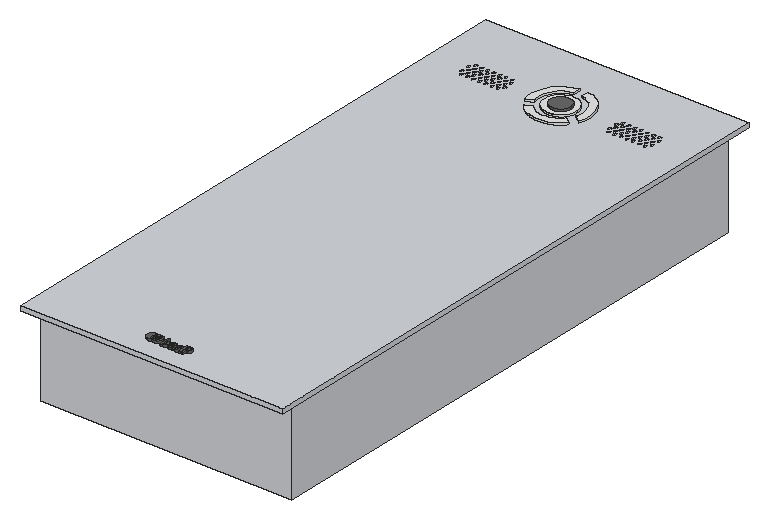
Revit family "AA-14FB", category Устройства связи, Revit 2022
Family settings
  Размер круглого соединителя = Использовать диаметр
  Тип детали = Нормальный
  На основе рабочей плоскости = Да
  Всегда вертикально = Нет
  При загрузке вырезать с полостями = Нет
  Сохранять ориентацию аннотаций = Нет
  Общий = Да
  Точка принадлежности помещению = Нет
Parameters (values of type "AA-14FB")
  Цветовое решение = "Золото, серебро, черный"
  Угол обзора = "По горизонтали 90°, по вертикали 64°"
  Тип установки = "Врезная"
  Тип панели = "Многоквартирная"
  Тип клавиатуры = "Сенсорная"
  Температурный режим = "-40 ... +65 °С"
  Режим разговора = "Двухсторонний"
  Разрешение камеры = "2 Мп"
  Размер самой панели = "180×400×46 мм"
  Размер под установку (кронштейна) = "172×378×58 мм"
  Потребление питания = "6,5 Вт, в режиме ожидания – 3,6 Вт"
  Поддерживаемые аудиокодеки = "G.711u"
  Питание = "+12 В"
  Default Elevation = 0 mm
  Открытие замка = "С монитора, по коду, по карте, из приложений BAS-IP Intercom, UKEY, распознавание по лицу"
  Описание = "Многоабонентская вызывная панель с 10“ TFT экраном с подсветкой и подогревом, с распознаванием лиц и поддержкой мобильного доступа BAS-IP UKEY"
  Ночная подсветка = "6 светодиодов"
  Минимальная освещенность = "0,01 LuX"
  Корпус = "Алюминий"
  Контроль доступа = "Мультиформатный считыватель с поддержкой технологии UKEY (EM-Marin, Mifare, Bluetooth, NFC)"
  Количество мелодий вызова = "Свои загружаемые мелодии"
  Кнопки быстрого вызова = "Кнопка вызова консьержа"
  Класс степени защиты = "IP65"
  Камера = "1/3”"
  Интерфейс = "Русский/английский, WEB–интерфейс"
  Интеграция со СКУД = "Выход WIEGAND-26, 32, 34, 37, 40, 42, 56, 58, 64 бит"
  Изображение типоразмера = <Нет>
  Изготовитель = "BAS-IP"
  Дополнительно = "SIP P2P, встроенное реле, датчик приближения, открытый API, поддержка ПО Link"
  Дисплей = "10, TFT, с подсветкой и подогревом"
  Model = ""
  Выходное видео = "HD (1920х1080), H.264 Main Profile"
  Аутентификация = "Отдельный пароль на настройки, WEB–интерфейс"
  URL = "https://www.bas-ip.ru"
  Email разработчика семейства = "lytvynchukartur@gmail.com"
  ADSK_Примечание = ""
  ADSK_Позиция = ""
  ADSK_Обозначение = ""
  ADSK_Номинальная мощность = 6.5 W
  ADSK_Напряжение = 12 V
  ADSK_Наименование краткое = ""
  ADSK_Наименование = "ВЫЗЫВНАЯ ПАНЕЛЬ AA-14FB"
  ADSK_Масса_Текст = ""
  ADSK_Марка = "AA-14FB"
  ADSK_Количество фаз = 1
  ADSK_Код изделия = ""
  ADSK_Классификация нагрузок = Вызывная панель
  ADSK_Зона = ""
  ADSK_Завод-изготовитель = "BAS-IP"
  ADSK_Единица измерения = "шт."
  ADSK_Версия Revit = "Revit 2020"
  ADSK_URL страницы изделия = "https://www.bas-ip.ru/aa-14/"
  ADSK_URL документации изделия = "https://wiki.bas-ip.com/aa14/ru/aa-14fb-22216718.html"
Reference planes
  plane 1 "По центру (Вперед/Назад)": y = 0
  plane 2: z = 0
  plane 3 "По центру (Влево/Вправо)": x = 0
  plane 4: z = 3
  plane 5 "Плоскость для коннекторов": z = -60
Forms (mm)
  Extrusion 1, solid, detail levels medium+fine
    sketch origin (0, 0, -2.742) x (1, 0, 0) y (0, 1, 0)
      loop
        line (-86, 187) -> (-86, -187) -> (86, -187) -> (86, 187) -> (-86, 187)
    from -57.258 to 2.742
  Extrusion 2, solid, detail levels medium+fine
    sketch origin (0, 0, 52) x (1, 0, 0) y (0, 1, 0)
      loop
        line (-90, 200) -> (-90, -200) -> (90, -200) -> (90, 200) -> (-90, 200)
      loop
        circle (-42.166, 145.397) r 1
      loop
        circle (-46.366, 145.397) r 1
      loop
        circle (-50.566, 145.397) r 1
      loop
        circle (-54.766, 145.397) r 1
      loop
        circle (-58.966, 145.397) r 1
      loop
        circle (-42.166, 151.397) r 1
      loop
        circle (-46.366, 151.397) r 1
      loop
        circle (-50.566, 151.397) r 1
      loop
        circle (-54.766, 151.397) r 1
      loop
        circle (-58.966, 151.397) r 1
      loop
        circle (-40.214, 148.397) r 1
      loop
        circle (-44.414, 148.397) r 1
      loop
        circle (-48.614, 148.397) r 1
      loop
        circle (-52.814, 148.397) r 1
      loop
        circle (-57.014, 148.397) r 1
      loop
        circle (-61.214, 148.397) r 1
      loop
        circle (-42.166, 157.397) r 1
      loop
        circle (-46.366, 157.397) r 1
      loop
        circle (-50.566, 157.397) r 1
      loop
        circle (-54.766, 157.397) r 1
      loop
        circle (-58.966, 157.397) r 1
      loop
        circle (-40.214, 154.397) r 1
      loop
        circle (-44.414, 154.397) r 1
      loop
        circle (-48.614, 154.397) r 1
      loop
        circle (-52.814, 154.397) r 1
      loop
        circle (-57.014, 154.397) r 1
      loop
        circle (-61.214, 154.397) r 1
      loop
        circle (-37.966, 145.397) r 1
      loop
        circle (-37.966, 151.397) r 1
      loop
        circle (-36.014, 148.397) r 1
      loop
        circle (-37.966, 157.397) r 1
      loop
        circle (-36.014, 154.397) r 1
      loop
        circle (-63.166, 145.397) r 1
      loop
        circle (-63.166, 151.397) r 1
      loop
        circle (-65.414, 148.397) r 1
      loop
        circle (-63.166, 157.397) r 1
      loop
        circle (-65.414, 154.397) r 1
      loop
        circle (42.166, 145.397) r 1
      loop
        circle (46.366, 145.397) r 1
      loop
        circle (50.566, 145.397) r 1
      loop
        circle (54.766, 145.397) r 1
      loop
        circle (58.966, 145.397) r 1
      loop
        circle (42.166, 151.397) r 1
      loop
        circle (46.366, 151.397) r 1
      loop
        circle (50.566, 151.397) r 1
      loop
        circle (54.766, 151.397) r 1
      loop
        circle (58.966, 151.397) r 1
      loop
        circle (40.214, 148.397) r 1
      loop
        circle (44.414, 148.397) r 1
      loop
        circle (48.614, 148.397) r 1
      loop
        circle (52.814, 148.397) r 1
      loop
        circle (57.014, 148.397) r 1
      loop
        circle (61.214, 148.397) r 1
      loop
        circle (42.166, 157.397) r 1
      loop
        circle (46.366, 157.397) r 1
      loop
        circle (50.566, 157.397) r 1
      loop
        circle (54.766, 157.397) r 1
      loop
        circle (58.966, 157.397) r 1
      loop
        circle (40.214, 154.397) r 1
      loop
        circle (44.414, 154.397) r 1
      loop
        circle (48.614, 154.397) r 1
      loop
        circle (52.814, 154.397) r 1
      loop
        circle (57.014, 154.397) r 1
      loop
        circle (61.214, 154.397) r 1
      loop
        circle (37.966, 145.397) r 1
      loop
        circle (37.966, 151.397) r 1
      loop
        circle (36.014, 148.397) r 1
      loop
        circle (37.966, 157.397) r 1
      loop
        circle (36.014, 154.397) r 1
      loop
        circle (63.166, 145.397) r 1
      loop
        circle (63.166, 151.397) r 1
      loop
        circle (65.414, 148.397) r 1
      loop
        circle (63.166, 157.397) r 1
      loop
        circle (65.414, 154.397) r 1
    from -52 to -49
  Extrusion 3, solid, material "Материал белый", detail levels medium+fine
    sketch origin (-195, 0, 53) x (1, 0, 0) y (0, 1, 0)
      loop
        circle (195, 151.397) r 7
      loop
        circle (195, 151.397) r 11
      loop
        line (183.772, 141.451) -> (179.375, 138.912)
        arc (179.375, 138.912) -> (195, 131.397) -> (210.625, 138.912) r 20
        line (210.625, 138.912) -> (206.228, 141.451)
        arc (206.228, 141.451) -> (195, 136.397) -> (183.772, 141.451) r 15
      loop
        line (192, 166.094) -> (192, 171.171)
        arc (192, 171.171) -> (177.679, 161.397) -> (176.375, 144.108) r 20
        line (176.375, 144.108) -> (180.772, 146.647)
        arc (180.772, 146.647) -> (182.01, 158.897) -> (192, 166.094) r 15
      loop
        arc (198, 166.094) -> (207.99, 158.897) -> (209.228, 146.647) r 15
        line (209.228, 146.647) -> (213.625, 144.108)
        arc (213.625, 144.108) -> (212.321, 161.397) -> (198, 171.171) r 20
        line (198, 171.171) -> (198, 166.094)
    from -52 to -49
  Extrusion 4, solid, material "Материал черный", detail levels medium+fine
    sketch origin (-347.374, 0, 53) x (1, 0, 0) y (0, 1, 0)
      loop
        line (355.91, -186.947) -> (356.876, -186.947) -> (356.876, -179.913) -> (355.91, -179.913) -> (355.91, -186.947)
      loop
        line (357.377, -186.947) -> (358.377, -186.947) -> (358.377, -184.451)
        arc (358.377, -184.451) -> (361.041, -182.66) -> (359.379, -179.913) r 2.326
        line (359.379, -179.913) -> (357.377, -179.913) -> (357.377, -186.947)
      loop
        arc (358.377, -183.451) -> (360.221, -182.217) -> (358.377, -180.983) r 1.335
        line (358.377, -180.983) -> (358.377, -183.451)
      loop
        line (342.946, -179.913) -> (342.946, -186.947) -> (344.968, -186.947)
        spline (344.968, -186.947) -> (345.634, -186.72) -> (346.221, -186.353) -> (346.689, -185.871) -> (347.005, -185.307) -> (347.148, -184.699) -> (347.109, -184.089) -> (346.89, -183.519) -> (346.506, -183.026) -> (345.984, -182.646) -> (345.358, -182.403) -> (344.672, -182.314) -> (343.972, -182.385)
        line (343.972, -182.385) -> (343.972, -179.913) -> (342.946, -179.913)
      loop
        line (343.972, -183.426) -> (343.972, -185.927) -> (345.157, -185.927)
        spline (345.157, -185.927) -> (345.542, -185.692) -> (345.86, -185.388) -> (346.09, -185.036) -> (346.217, -184.659) -> (346.23, -184.283) -> (346.13, -183.934) -> (345.923, -183.636) -> (345.624, -183.408) -> (345.252, -183.267) -> (344.834, -183.222) -> (344.397, -183.276) -> (343.972, -183.426)
      loop
        line (354.371, -183.077) -> (354.371, -182.08)
        arc (354.371, -182.08) -> (353.527, -181.636) -> (352.582, -181.765) r 1.562
        arc (352.582, -181.765) -> (351.902, -182.393) -> (351.698, -183.296) r 1.562
        arc (351.698, -183.296) -> (352.118, -184.311) -> (353.134, -184.732) r 1.436
        arc (353.134, -184.732) -> (353.678, -184.957) -> (353.903, -185.501) r 0.769
        arc (353.903, -185.501) -> (353.519, -186.167) -> (352.749, -186.167) r 0.769
        line (352.749, -186.167) -> (351.665, -185.976) -> (351.665, -186.777) -> (353.173, -187.043)
        arc (353.173, -187.043) -> (354.539, -185.977) -> (354.178, -184.282) r 1.634
        line (354.178, -184.282) -> (353.112, -183.956)
        arc (353.112, -183.956) -> (352.563, -183.005) -> (353.595, -182.629) r 0.717
        line (353.595, -182.629) -> (354.371, -183.077)
      loop
        line (350.666, -186.947) -> (350.666, -182.599)
        arc (350.666, -182.599) -> (349.304, -181.597) -> (347.682, -182.073) r 1.905
        arc (347.682, -182.073) -> (347.604, -182.585) -> (348.086, -182.774) r 0.415
        arc (348.086, -182.774) -> (349.009, -182.264) -> (349.931, -182.774) r 1.09
        line (349.931, -182.774) -> (349.931, -183.578) -> (348.501, -183.578)
        arc (348.501, -183.578) -> (347.388, -185.155) -> (348.105, -186.947) r 2.022
        line (348.105, -186.947) -> (350.666, -186.947)
      loop
        line (349.931, -185.927) -> (349.931, -184.364) -> (348.861, -184.364)
        arc (348.861, -184.364) -> (348.08, -185.146) -> (348.861, -185.927) r 0.781
        line (348.861, -185.927) -> (349.931, -185.927)
      loop
        spline (337.212, -183.2) -> (337.246, -183.454) -> (337.345, -183.691) -> (337.502, -183.894) -> (337.707, -184.05) -> (337.946, -184.149) -> (338.203, -184.182) -> (338.459, -184.149) -> (338.698, -184.05) -> (338.903, -183.894) -> (339.061, -183.691) -> (339.159, -183.454) -> (339.193, -183.2)
        spline (339.193, -183.2) -> (339.159, -182.946) -> (339.061, -182.709) -> (338.903, -182.505) -> (338.698, -182.349) -> (338.459, -182.251) -> (338.203, -182.218) -> (337.946, -182.251) -> (337.707, -182.349) -> (337.502, -182.505) -> (337.345, -182.709) -> (337.246, -182.946) -> (337.212, -183.2)
      loop
        spline (336.121, -183.2) -> (336.192, -183.734) -> (336.4, -184.232) -> (336.731, -184.659) -> (337.162, -184.987) -> (337.664, -185.193) -> (338.203, -185.264) -> (338.741, -185.193) -> (339.243, -184.987) -> (339.674, -184.659) -> (340.005, -184.232) -> (340.213, -183.734) -> (340.284, -183.2)
        spline (340.284, -183.2) -> (340.213, -182.666) -> (340.005, -182.168) -> (339.674, -181.741) -> (339.243, -181.413) -> (338.741, -181.206) -> (338.203, -181.136) -> (337.664, -181.206) -> (337.162, -181.413) -> (336.731, -181.741) -> (336.4, -182.168) -> (336.192, -182.666) -> (336.121, -183.2)
      loop
        spline (334.697, -183.2) -> (334.817, -184.089) -> (335.167, -184.917) -> (335.724, -185.628) -> (336.45, -186.173) -> (337.295, -186.516) -> (338.203, -186.633) -> (339.11, -186.516) -> (339.955, -186.173) -> (340.681, -185.628) -> (341.238, -184.917) -> (341.589, -184.089) -> (341.708, -183.2)
        spline (341.708, -183.2) -> (341.589, -182.311) -> (341.238, -181.483) -> (340.681, -180.772) -> (339.955, -180.226) -> (339.11, -179.883) -> (338.203, -179.766) -> (337.295, -179.883) -> (336.45, -180.226) -> (335.724, -180.772) -> (335.167, -181.483) -> (334.817, -182.311) -> (334.697, -183.2)
    from -52 to -49
  Extrusion 5, solid, material "Материал черный", detail levels medium+fine
    sketch origin (-377.374, 0, 53) x (1, 0, 0) y (0, 1, 0)
      loop
        spline (366.353, -186.117) -> (365.878, -185.77) -> (365.47, -185.35) -> (365.139, -184.869) -> (364.896, -184.34) -> (364.747, -183.778) -> (364.697, -183.2) -> (364.747, -182.622) -> (364.896, -182.06) -> (365.139, -181.531) -> (365.47, -181.05) -> (365.878, -180.63) -> (366.353, -180.283)
        spline (366.353, -180.283) -> (365.205, -179.836) -> (363.969, -179.807) -> (362.8, -180.199) -> (361.843, -180.965) -> (361.216, -182.008) -> (360.998, -183.2) -> (361.216, -184.391) -> (361.843, -185.435) -> (362.8, -186.201) -> (363.969, -186.593) -> (365.205, -186.564) -> (366.353, -186.117)
    from -52 to -49
  Extrusion 6, solid, material "Материал черный", detail levels medium+fine
    sketch origin (-195, 0, 53) x (1, 0, 0) y (0, 1, 0)
      loop
        circle (195, 151.397) r 7
    from -52 to -48
Lines and regions (mm)
  Split face 1
    outline origin (0, 0, 3) x (1, 0, 0) y (0, 1, 0)
      loop
        line (-90, -170) -> (90, -170)
      loop
        line (-90, 115) -> (90, 115)
  Split face 2
    outline origin (0, 0, 3) x (1, 0, 0) y (0, 1, 0)
      loop
        line (-70, 95) -> (-70, -150) -> (70, -150) -> (70, 95) -> (-70, 95)
Dimensions and locks
  aligned and locked: level to plane 2
Connectors
  electrical at (0, -0.013, -60)
    settings: on plane 5 "Плоскость для коннекторов", index 4, voltage 0 V, apparent load 0 VA, apparent load phase1 0 VA, apparent load phase2 0 VA, apparent load phase3 0 VA, power factor 1, load classification "Прочее", number of poles 1, system type 13, power factor state 1, is connector primary yes, connector utility no, sub classification motor no, connector description "Должны быть подведены провода для подключения замка и дополнительных модулей"
  electrical at (-19.5, -0.013, -60)
    settings: on plane 5 "Плоскость для коннекторов", index 5, voltage 0 V, apparent load 0 VA, apparent load phase1 0 VA, apparent load phase2 0 VA, apparent load phase3 0 VA, power factor 1, load classification "Прочее", number of poles 1, system type 5, power factor state 1, is connector primary no, connector utility no, sub classification motor no, connector description "Кабель Ethernet UTP cat5"
  electrical at (19.5, -0.013, -60), driven by "ADSK_Количество фаз", driven by "ADSK_Классификация нагрузок", driven by "ADSK_Напряжение"
    settings: on plane 5 "Плоскость для коннекторов", index 6, voltage 12 V, apparent load 6.5 VA, apparent load phase1 0 VA, apparent load phase2 0 VA, apparent load phase3 0 VA, power factor 0.9, load classification "Вызывная панель", number of poles 1, system type 30, power factor state 1, is connector primary no, connector utility no, sub classification motor no, connector description "Блок питания на +12 Вольт, 2 Ампера"
